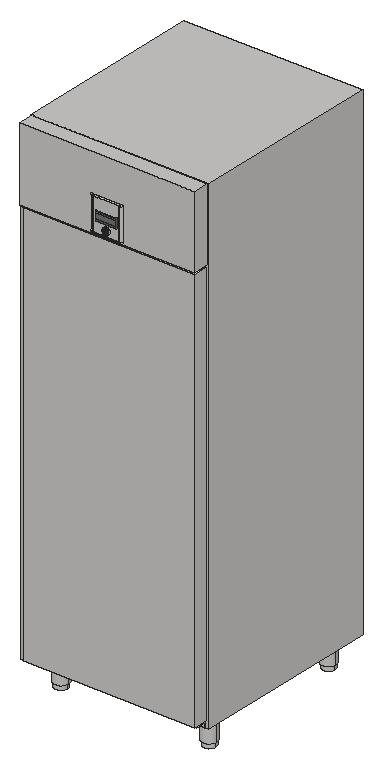
Revit family "QF_ELECTROLUXPROFESSIONAL_725450_REX71FRH4", category Attrezzature speciali, Revit 2018
Family settings
  Quota connettore circolare = Usa diametro
  Tipo di parte = Normale
  Basato su piano di lavoro = No
  Sempre verticale = Sì
  Taglio con vuoti quando caricato = No
  Condiviso = No
  Punto di calcolo locali = No
Parameters (values of type "Standard")
  Weight = 110.00 kg
  Watts = 200 W
  Volts = 220 V
  URL Manufacturer = "https://www.electroluxprofessional.com/"
  URL = "https://www.electroluxprofessional.com/"
  Steam Supply Size = 0 mm
  Steam Supply Minimum Pressure = 0.0 Pa
  Steam Supply Maximum Pressure = 0.0 Pa
  Steam Consumption per Hour = 0
  Refrigeration Suction Line Size = 0 mm
  Refrigeration Liquid Line Size = 0 mm
  Refrigerant Compressor Remote = yes
  Produttore = "Electrolux Professional"
  Phase = 1
  Modello = "REX71FRH4"
  Length Actual = 710 mm  # constant formula
  Item Number = "725450"
  Hot Water Size = 0 mm
  Height Actual = 2050 mm  # constant formula
  HP = "0.3 HP"
  Gas Size = 0 mm
  Gas KW = 0
  Gas Input Pressure = 0 W
  Direct Waste Size = 0 mm
  Descrizione = "1-DOOR REFRIGERATOR 670L -2+10°C, DIGITAL WITH LIGHT, A304, 4 GRIDS - R290"
  Depth Actual = 835 mm  # constant formula
  Cycle = 50 Hz
  Condensate Return Size = 0 mm
  Compressed Air Volume = 0.0 L/s
  Compressed Air Size = 0 mm
  Compressed Air Pressure = 0.0 Pa
  Cold Water Size = 0 mm
  Accessory = yes
Reference planes
  plane 1 "Center (Front/Back)": y = 0
  plane 2: z = 0
  plane 3 "Center (Left/Right)": x = 0
  plane 4 "BASE": z = 110
  plane 5 "TOP": z = 2050
  plane 6 "FRONT": y = -417.5
  plane 7 "BACK": y = 417.5
  plane 8 "LEFT": x = -355
  plane 9 "RIGHT": x = 355
Forms (mm)
  Extrusion 1, solid, material "QF_Finishes_Stainless Steel"
    sketch origin (0, 0, 0) x (1, 0, 0) y (0, 1, 0)
      loop
        circle (-278, 344.5) r 25
      loop
        circle (278, 344.5) r 25
      loop
        circle (-295, -269.5) r 25
      loop
        circle (295, -269.5) r 25
    from 0 to 20
  Extrusion 2, solid, material "QF_Finishes_Stainless Steel"
    sketch origin (0, 0, 0) x (1, 0, 0) y (0, 1, 0)
      loop
        circle (-278, 344.5) r 30
      loop
        circle (278, 344.5) r 30
      loop
        circle (295, -269.5) r 30
      loop
        circle (-295, -269.5) r 30
    from 20 to 110
  Extrusion 3, solid, material "QF_Finishes_Stainless Steel"
    sketch origin (0, 0, 110) x (-1, 0, 0) y (0, -1, 0)
      loop
        line (355, -417.5) -> (355, 345.5) -> (-355, 345.5) -> (-355, -417.5) -> (355, -417.5)
    from 0 to 1940
  Extrusion 4, solid
    sketch origin (0, 417.5, 1660) x (-1, 0, 0) y (0, 0, 1)
      loop
        circle (339, 124) r 10
    from 0 to 3.2
  Extrusion 5, solid, material "QF_Door-Drawer Clearances", detail levels coarse
    sketch origin (0, 0, 110) x (-1, 0, 0) y (0, -1, 0)
      loop
        line (-347, 409.5) -> (-283, 409.5) -> (-283, 1006.5) -> (-301, 1006.5) -> (-301, 1024.5) -> (-323, 1024.5) -> (-323, 1062.5) -> (-347, 1062.5) -> (-347, 409.5)
    from 1642.965 to 28
  Extrusion 6, solid, material "QF_Door-Drawer Clearances", detail levels coarse
    sketch origin (0, 0, 110) x (-1, 0, 0) y (0, -1, 0)
      loop
        line (-283, 409.5) -> (347, 409.5)
        arc (347, 409.5) -> (150.684, 878.295) -> (-323, 1062.5) r 650
        line (-323, 1062.5) -> (-323, 1024.5) -> (-301, 1024.5) -> (-301, 1006.5) -> (-283, 1006.5) -> (-283, 409.5)
    from 1642.965 to 28
  Extrusion 7, solid, material "QF_Clearances", detail levels coarse
    sketch origin (0, 0, 110) x (-1, 0, 0) y (0, -1, 0)
      loop
        line (355, 417.5) -> (355, -417.5) -> (-355, -417.5) -> (-355, 417.5) -> (-375, 417.5) -> (-375, -447.5) -> (375, -447.5) -> (375, 417.5) -> (355, 417.5)
    from -110 to 1940
  Extrusion 8, solid, material "QF_Clearances", detail levels coarse
    sketch origin (0, 0, 2050) x (-1, 0, 0) y (0, -1, 0)
      loop
        line (375, -447.5) -> (375, 417.5) -> (-375, 417.5) -> (-375, -447.5) -> (375, -447.5)
    from 0 to 500
  Extrusion 9, void
    sketch origin (0, 417.5, 0) x (-1, 0, 0) y (0, 0, 1)
      loop
        line (280, 1724.965) -> (-280, 1724.965) -> (-280, 180) -> (0, 170) -> (280, 179.676) -> (280, 1724.965)
    from -56 to -763
  Extrusion 10, solid, material "QF_Finishes_Stainless Steel"
    sketch origin (0, 0, 110) x (-1, 0, 0) y (0, -1, 0)
      loop
        circle (0, 254.5) r 7.938
    from 0 to -10
Cuts and joins
  joined: Extrusion 7, Extrusion 8
  Extrusion 9 cuts Extrusion 3
Lines and regions (mm)
  symbolic lines, style "SpecialityEquipmentHiddenLines"
    curve 1: line (347, -409.5, 110) -> (347, -1062.5, 110)
    curve 2: line (347, -1062.5, 110) -> (323, -1062.5, 110)
    curve 3: line (283, -409.5, 110) -> (283, -1006.5, 110)
    curve 4: line (323, -1062.5, 110) -> (323, -1024.5, 110)
    curve 5: line (323, -1024.5, 110) -> (301, -1024.5, 110)
    curve 6: line (301, -1024.5, 110) -> (301, -1006.5, 110)
    curve 7: line (301, -1006.5, 110) -> (283, -1006.5, 110)
    curve 8: arc (-347, -409.5, 110) -> (-150.684, -878.295, 110) -> (323, -1062.5, 110) r 650
  symbolic lines, style "QF_Clearances", detail levels coarse
    curve 9: line (-355, -417.5, 2050) -> (-375, -417.5, 2050)
    curve 10: line (-375, -417.5, 2050) -> (-375, 447.5, 2050)
    curve 11: line (-375, 447.5, 2050) -> (375, 447.5, 2050)
    curve 12: line (375, 447.5, 2050) -> (375, -417.5, 2050)
    curve 13: line (375, -417.5, 2050) -> (355, -417.5, 2050)
Dimensions and locks
  equal spacing: plane 7 "BACK", plane 1 "Center (Front/Back)", plane 6 "FRONT"
  equal spacing: plane 8 "LEFT", plane 3 "Center (Left/Right)", plane 9 "RIGHT"
  plane 8 "LEFT" to plane 9 "RIGHT" = 710 mm
  plane 7 "BACK" to plane 6 "FRONT" = 835 mm
  plane 5 "TOP" to plane 2 = 2050 mm
  aligned and locked: level to plane 2
Automatic sketch dimensions
  Extrusion 3 sketch curve to plane 7 "BACK" = 0 mm
  Extrusion 3 sketch curve to plane 9 "RIGHT" = 0 mm
  Extrusion 3 sketch curve to plane 8 "LEFT" = 0 mm
  plane 8 "LEFT" to Extrusion 4 sketch curve = 16 mm
  plane 4 "BASE" to Extrusion 4 sketch curve = 1674 mm
  plane 9 "RIGHT" to curve 1 = 8 mm
  curve 1 to curve 2 = 24 mm
  plane 6 "FRONT" to curve 8 = 4.692 mm
  curve 7 to plane 6 "FRONT" = 589 mm
  curve 6 to curve 5 = 18 mm
  curve 4 to curve 2 = 38 mm
  plane 6 "FRONT" to curve 8 = 8 mm
  plane 6 "FRONT" to curve 1 = 8 mm
  plane 6 "FRONT" to curve 3 = 8 mm
  plane 9 "RIGHT" to Extrusion 5 sketch curve = 8 mm
  Extrusion 5 sketch curve to plane 6 "FRONT" = 589 mm
  Extrusion 5 sketch curve to Extrusion 5 sketch curve = 18 mm
  Extrusion 5 sketch curve to Extrusion 5 sketch curve = 38 mm
  plane 6 "FRONT" to Extrusion 5 sketch curve = 8 mm
  plane 6 "FRONT" to Extrusion 6 sketch curve = 4.692 mm
  Extrusion 6 sketch curve to Extrusion 6 sketch curve = 18 mm  (x2)
  Extrusion 6 sketch curve to Extrusion 6 sketch curve = 38 mm
  plane 8 "LEFT" to Extrusion 6 sketch curve = 8 mm
  plane 6 "FRONT" to Extrusion 6 sketch curve = 8 mm
  Extrusion 7 sketch curve to plane 6 "FRONT" = 0 mm  (x2)
  Extrusion 7 sketch curve to plane 7 "BACK" = 0 mm
  Extrusion 7 sketch curve to plane 9 "RIGHT" = 0 mm
  Extrusion 7 sketch curve to plane 8 "LEFT" = 0 mm
  Extrusion 7 sketch curve to plane 9 "RIGHT" = 20 mm
  Extrusion 7 sketch curve to plane 8 "LEFT" = 20 mm
  plane 7 "BACK" to Extrusion 7 sketch curve = 30 mm
  Extrusion 8 sketch curve to plane 6 "FRONT" = 0 mm
  Extrusion 8 sketch curve to plane 9 "RIGHT" = 20 mm
  Extrusion 8 sketch curve to plane 8 "LEFT" = 20 mm
  plane 7 "BACK" to Extrusion 8 sketch curve = 30 mm
  plane 8 "LEFT" to Extrusion 1 sketch curve = 60 mm
  plane 8 "LEFT" to Extrusion 1 sketch curve = 77 mm
  plane 9 "RIGHT" to Extrusion 1 sketch curve = 77 mm
  plane 9 "RIGHT" to Extrusion 1 sketch curve = 60 mm
  plane 6 "FRONT" to Extrusion 1 sketch curve = 148 mm  (x2)
  Extrusion 1 sketch curve to plane 7 "BACK" = 73 mm  (x2)
  plane 8 "LEFT" to Extrusion 2 sketch curve = 60 mm
  plane 8 "LEFT" to Extrusion 2 sketch curve = 77 mm
  plane 9 "RIGHT" to Extrusion 2 sketch curve = 77 mm
  plane 9 "RIGHT" to Extrusion 2 sketch curve = 60 mm
  plane 6 "FRONT" to Extrusion 2 sketch curve = 148 mm  (x2)
  Extrusion 2 sketch curve to plane 7 "BACK" = 73 mm  (x2)
  plane 6 "FRONT" to Extrusion 3 sketch curve = 72 mm
  curve 1 to curve 8 = 44.008 mm
  curve 4 to curve 5 = 22 mm
  curve 6 to curve 3 = 18 mm
  plane 9 "RIGHT" to Extrusion 5 sketch curve = 32 mm
  Extrusion 5 sketch curve to Extrusion 5 sketch curve = 22 mm
  Extrusion 5 sketch curve to Extrusion 5 sketch curve = 64 mm
  plane 9 "RIGHT" to Extrusion 6 sketch curve = 72 mm
  Extrusion 6 sketch curve to Extrusion 6 sketch curve = 19.992 mm
  Extrusion 6 sketch curve to Extrusion 6 sketch curve = 22 mm
  curve 13 to plane 6 "FRONT" = 0 mm
  curve 13 to plane 9 "RIGHT" = 0 mm
  curve 9 to plane 6 "FRONT" = 0 mm
  curve 9 to plane 8 "LEFT" = 0 mm
  curve 12 to plane 9 "RIGHT" = 20 mm
  curve 9 to curve 9 = 20 mm
  plane 7 "BACK" to curve 12 = 30 mm
  Extrusion 10 sketch curve to plane 3 "Center (Left/Right)" = 0 mm
  plane 6 "FRONT" to Extrusion 10 sketch curve = 163 mm
  Extrusion 9 sketch curve to plane 3 "Center (Left/Right)" = 0 mm
  plane 8 "LEFT" to Extrusion 9 sketch curve = 75 mm
  plane 4 "BASE" to Extrusion 9 sketch curve = 60 mm
  plane 4 "BASE" to Extrusion 9 sketch curve = 69.676 mm
  Extrusion 9 sketch curve to plane 5 "TOP" = 325.035 mm
  plane 9 "RIGHT" to Extrusion 9 sketch curve = 75 mm
  Extrusion 9 sketch curve to Extrusion 9 sketch curve = 0.324 mm
  radius of Extrusion 1 sketch curve = 25 mm  (x4)
  radius of Extrusion 2 sketch curve = 30 mm  (x4)
  radius of Extrusion 4 sketch curve = 10 mm
  radius of Extrusion 10 sketch curve = 7.938 mm
Nested families
  nested 1: "QF_727992_Door" at (0, -345.5, 968.365) x (1, 0, 0) z (0, -1, 0), type "QF_727992_Door"
    with Show Clearance yes
  nested 2: "Refrigerator" at (355, -417.5, 110), type "Refrigerator"
Connectors
  electrical at (-339, 420.7, 1784), driven by "Volts"
    settings: on Extrusion 4, index 2, voltage 220 V, apparent load 0 VA, apparent load phase1 0 VA, apparent load phase2 0 VA, apparent load phase3 0 VA, power factor 1, load classification "Other", number of poles 1, system type 30, power factor state 1, is connector primary yes, connector utility no, sub classification motor no, connector description "Electrical Connection"
  piping at (0, -254.5, 100), diameter 15.875
    settings: on Extrusion 10, index 3, connector inside diameter 609.6 mm, connector length 0 mm, flow factor 0, pipe flow 0.0 L/s, pressure drop 0.0 Pa, fitting loss kfactor 0, connector angle 0.00°, fixture units 0, engagement length 0 mm, angle of deflection 0.00°, flow configuration 1, flow direction 2, fitting loss method 0, system type 16, joint type 0, gender type 0, connector reference index -1, connector utility 0, adjustable connector no, is connector primary yes, connector description "Drain"
Definition of nested family "QF_727992_Door"
  Parameters
    Show Clearance [instance] = yes
    Model = "729040"
    Default Elevation = 0 mm
  Reference planes
    plane 1 "Center (Front/Back)": y = 0
    plane 2: z = 0
    plane 3 "Center (Left/Right)": x = 0
  Forms (mm)
    Extrusion 1, solid
      sketch origin (0, -919.2, 0) x (1, 0, 0) y (0, 1, 0)
        loop
          line (-460, 2119.2) -> (-460, -162.846) -> (488.967, -162.846) -> (488.967, 2119.2) -> (-460, 2119.2)
      from 0 to -59.546
    Extrusion 2, solid
      sketch origin (0, 0, 0) x (1, 0, 0) y (0, 0, 1)
        loop
          line (-347, 64) -> (-347, 0) -> (347, 0) -> (347, 64) -> (-347, 64)
      from -1081.6 to -791.6
    Extrusion 3, solid
      sketch origin (0, 0, 0) x (1, 0, 0) y (0, 0, 1)
        loop
          line (-347, 60) -> (-347, 26) -> (-325, 26) -> (-325, 8) -> (-307, 8) -> (-307, 0) -> (339, 0) -> (339, 8) -> (347, 8) -> (347, 64) -> (-332, 64) -> (-347, 60)
      from -784.6 to 830.4
    Extrusion 4, solid
      sketch origin (119, -516.365, 0) x (0, 1, 0) y (0, 0, 1)
        loop
          line (-323.003, 40.312) -> (-316.501, 40.312) -> (-316.501, 42.812) -> (-325.503, 42.812) -> (-325.503, 2.5) -> (-342, 2.5) -> (-342, 0) -> (-323.003, 0) -> (-323.003, 12.259) -> (-323.003, 40.312)
        loop
          line (-314, 38.311) -> (-316.501, 38.311) -> (-316.501, 14.304) -> (-319.752, 14.304) -> (-319.752, 11.804) -> (-314, 11.804) -> (-314, 38.311)
      from 185 to 220
    Extrusion 5, solid
      sketch origin (119, 469.597, 0) x (0, 1, 0) y (0, 0, 1)
        loop
          line (315.003, 27.948) -> (315.003, 2.948) -> (315.003, 0) -> (322.003, 0) -> (322.003, 2.5) -> (317.503, 2.5) -> (317.503, 27.948) -> (315.003, 27.948)
      from 185 to 220
  Lines and regions (mm)
    symbolic lines
      curve 1: line (-347, 0, 64) -> (347, 0, 64)
      curve 2: line (-347, 0, 0) -> (-347, 0, 64)
      curve 3: line (347, 0, 0) -> (-347, 0, 0)
      curve 4: line (347, 0, 64) -> (347, 0, 0)
      curve 5: line (-347, 0, 26) -> (-325, 0, 26)
      curve 6: line (-325, 0, 26) -> (-325, 0, 8)
      curve 7: line (-325, 0, 8) -> (-307, 0, 8)
      curve 8: line (-307, 0, 8) -> (-307, 0, 0)
      curve 9: line (339, 0, 8) -> (347, 0, 8)
      curve 10: line (339, 0, 8) -> (339, 0, 0)
  Dimensions and locks
    aligned and locked: plane 2 to Extrusion 1
    aligned and locked: level to Extrusion 1
  Nested families
    nested 1: "QF_DisplayStandardCabinets" at (0, 863.6, 64), type "QF_DisplayStandardCabinets"
      with Show Clearance yes
  Definition of nested family "QF_DisplayStandardCabinets"
    Parameters
      Show Clearance [instance] = yes
      Model = "728658"
      Default Elevation = 1219.2 mm
    Reference planes
      plane 1 "Center (Front/Back)": y = 0
      plane 2: z = 0
      plane 3 "Center (Left/Right)": x = 0
    Forms (mm)
      Extrusion 1, solid
        sketch origin (0, -919.2, 0) x (1, 0, 0) y (0, 1, 0)
          loop
            line (-198.75, 1146.2) -> (-198.75, 709.567) -> (165.741, 709.567) -> (165.741, 1146.2) -> (-198.75, 1146.2)
        from 0 to -59.546
      Extrusion 2, solid
        sketch origin (-59, -44.611, 0) x (0, 1, 0) y (-1, 0, 0)
          loop
            circle (0.611, -59) r 14
        from 5 to 7
      Extrusion 3, solid
        sketch origin (744.635, 320.889, 0) x (0, 1, 0) y (-1, 0, 0)
          loop
            circle (-364.889, 744.635) r 10
          loop
            circle (-364.889, 744.635) r 9
        from 5 to 8
      Extrusion 4, solid
        sketch origin (744.635, 320.889, 0) x (0, 1, 0) y (-1, 0, 0)
          loop
            circle (-364.889, 744.635) r 8.7
        from 5 to 8
      Extrusion 5, void
        sketch origin (744.635, 320.889, 0) x (0, 1, 0) y (-1, 0, 0)
          loop
            line (-372.339, 745.885) -> (-372.339, 743.385) -> (-362.339, 743.385) -> (-362.339, 745.885) -> (-372.339, 745.885)
        from 8.592 to 6.269
      Blend 6, solid
        base sketch origin (365.719, -803.635, 0) x (1, 0, 0) y (0, 1, 0)
          loop
            arc (-424.229, 873.635) -> (-428.653, 871.803) -> (-430.485, 867.38) r 6.255
            line (-430.485, 867.38) -> (-430.485, 739.89)
            arc (-430.485, 739.89) -> (-428.653, 735.467) -> (-424.229, 733.635) r 6.255
            line (-424.229, 733.635) -> (-307.728, 733.635)
            arc (-307.728, 733.635) -> (-303.305, 735.467) -> (-301.473, 739.89) r 6.255
            line (-301.473, 739.89) -> (-301.473, 867.38)
            arc (-301.473, 867.38) -> (-303.305, 871.803) -> (-307.728, 873.635) r 6.255
            line (-307.728, 873.635) -> (-424.229, 873.635)
        top sketch origin (365.719, -803.635, 0) x (1, 0, 0) y (0, 1, 0)
          loop
            line (-418.756, 738.326) -> (-313.201, 738.326) -> (-313.201, 868.943) -> (-418.756, 868.943) -> (-418.756, 738.326)
        from 0 to 4
      Extrusion 7, solid
        sketch origin (744.635, 320.889, 0) x (0, 1, 0) y (-1, 0, 0)
          loop
            line (-372.339, 745.885) -> (-372.339, 743.385) -> (-362.339, 743.385) -> (-362.339, 745.885) -> (-372.339, 745.885)
        from 6 to 8
      Extrusion 8, void
        sketch origin (0, 0, 0) x (1, 0, 0) y (0, 1, 0)
          loop
            line (-53.037, 65.309) -> (-53.037, -65.309) -> (52.518, -65.309) -> (52.518, 65.309) -> (-53.037, 65.309)
        from 5 to 2
      Extrusion 9, solid
        sketch origin (0, 0, 0) x (1, 0, 0) y (0, 1, 0)
          loop
            line (-51.473, 63.745) -> (-51.473, -63.745) -> (50.954, -63.745) -> (50.954, 63.745) -> (-51.473, 63.745)
        from 2.2 to 4
      Extrusion 10, solid
        sketch origin (0, -30, 0) x (0, 1, 0) y (0, 0, 1)
          loop
            line (10.404, 4) -> (17.404, 4) -> (17.404, 8)
            arc (17.404, 8) -> (13.868, 7.749) -> (10.404, 7) r 25
            line (10.404, 7) -> (10.404, 4)
          loop
            arc (47.404, 7) -> (43.939, 7.749) -> (40.404, 8) r 25
            line (40.404, 8) -> (40.404, 4) -> (47.404, 4) -> (47.404, 7)
        from 40 to -40
      Extrusion 11, solid
        sketch origin (0, -30, 0) x (1, 0, 0) y (0, 1, 0)
          loop
            line (-40, 40.404) -> (-40, 17.404) -> (40, 17.404) -> (40, 40.404) -> (-40, 40.404)
        from 8 to 4
    Cuts and joins
      Extrusion 5 cuts Extrusion 4
      Extrusion 8 cuts Blend 6
      joined: Extrusion 10, Extrusion 11
    Lines and regions (mm)
      Split face 1
        outline origin (-41, 10.404, 8) x (-1, 0, 0) y (0, -1, 0)
          loop
            line (-72.157, 0.05) -> (-72.157, 10.5) -> (-78.157, 10.5) -> (-78.157, 0.05) -> (-72.157, 0.05)
      Split face 2
        outline origin (-50, 10.404, 8) x (-1, 0, 0) y (0, -1, 0)
          loop
            line (-72.157, 0.05) -> (-72.157, 10.5) -> (-78.157, 10.5) -> (-78.157, 0.05) -> (-72.157, 0.05)
      Split face 3
        outline origin (-50, 10.404, 8) x (-1, 0, 0) y (0, -1, 0)
          loop
            line (-72.157, 12.45) -> (-72.157, 22.9) -> (-78.157, 22.9) -> (-78.157, 12.45) -> (-72.157, 12.45)
      Split face 4
        outline origin (-50, 10.404, 8) x (-1, 0, 0) y (0, -1, 0)
          loop
            line (-81.157, 12.45) -> (-81.157, 22.9) -> (-87.157, 22.9) -> (-87.157, 12.45) -> (-81.157, 12.45)
      Split face 5
        outline origin (-50, 10.404, 8) x (-1, 0, 0) y (0, -1, 0)
          loop
            line (-13, 0.1) -> (-13, 22.9) -> (-69, 22.9) -> (-69, 0.1) -> (-13, 0.1)
      symbolic lines
        curve 1: line (52.518, 0, 4) -> (-53.037, 0, 4)
        curve 2: line (40, 0, 4) -> (40, 0, 8)
        curve 3: line (40, 0, 8) -> (-40, 0, 8)
        curve 4: line (-40, 0, 8) -> (-40, 0, 4)
        curve 5: line (-64.765, 0, 0) -> (-53.037, 0, 4)
        curve 6: line (52.518, 0, 4) -> (64.135, 0, 0)
    Dimensions and locks
      aligned and locked: plane 2 to Extrusion 1
      aligned and locked: level to Extrusion 1
Definition of nested family "Refrigerator"
  Reference planes
    plane 1 "Center (Front/Back)": y = 0
    plane 2: z = 0
    plane 3 "Center (Left/Right)": x = 0
  Lines and regions (mm)
    detail lines, in view "Ref. Level"
      curve 1: spline (-500, 190, 0) -> (-493.185, 166.706, 0) -> (-473.205, 145, 0) -> (-441.421, 126.36, 0) -> (-400, 112.058, 0) -> (-351.764, 103.067, 0) -> (-300, 100, 0) -> (-248.236, 103.067, 0) -> (-200, 112.058, 0) -> (-158.579, 126.36, 0) -> (-126.795, 145, 0) -> (-106.815, 166.706, 0) -> (-100, 190, 0) -> (-106.815, 213.294, 0) -> (-126.795, 235, 0) -> (-158.579, 253.64, 0) -> (-200, 267.942, 0) -> (-248.236, 276.933, 0) -> (-300, 280, 0) -> (-351.764, 276.933, 0) -> (-400, 267.942, 0) -> (-441.421, 253.64, 0) -> (-473.205, 235, 0) -> (-493.185, 213.294, 0) -> (-500, 190, 0)
      curve 2: line (-300, 130, 0) -> (-300, 250, 0)
      curve 3: line (-351.962, 220, 0) -> (-248.038, 160, 0)
      curve 4: line (-351.962, 160, 0) -> (-248.038, 220, 0)
      curve 5: line (-280.884, 246.873, 0) -> (-300, 225, 0)
      curve 6: line (-300, 225, 0) -> (-319.116, 246.873, 0)
      curve 7: line (-330.311, 207.5, 0) -> (-339.696, 234.992, 0)
      curve 8: line (-358.812, 201.882, 0) -> (-330.311, 207.5, 0)
      curve 9: line (-330.311, 172.5, 0) -> (-358.812, 178.118, 0)
      curve 10: line (-339.696, 145.008, 0) -> (-330.311, 172.5, 0)
      curve 11: line (-300, 155, 0) -> (-319.116, 133.127, 0)
      curve 12: line (-280.884, 133.127, 0) -> (-300, 155, 0)
      curve 13: line (-269.689, 172.5, 0) -> (-260.304, 145.008, 0)
      curve 14: line (-241.188, 178.118, 0) -> (-269.689, 172.5, 0)
      curve 15: line (-269.689, 207.5, 0) -> (-241.188, 201.882, 0)
      curve 16: line (-260.304, 234.992, 0) -> (-269.689, 207.5, 0)
